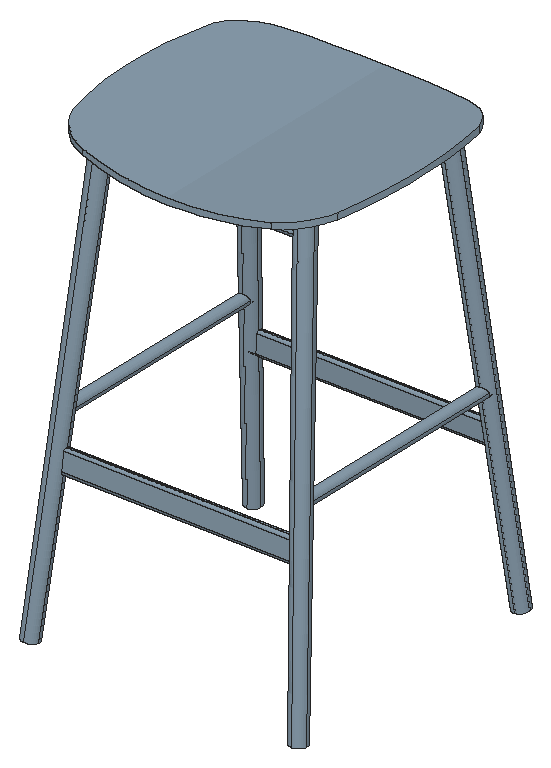
Revit family "FU_Stool_Sandler_Viki 3-15", category Furniture, Revit 2020
Family settings
  OmniClass Number = 23.40.20.00
  OmniClass Title = General Furniture and Specialties
  Work Plane-Based = No
  Always vertical = Yes
  Cut with Voids When Loaded = No
  Shared = No
  Room Calculation Point = No
Parameters (values of type "Viki 3.15")
  Width = 490 mm
  URL = "https://www.sandlerseating.com/product/viki-3-15/"
  Model = "Viki 3.15"
  Manufacturer = "Sandler"
  Height = 770 mm
  Frame [instance] = Wood - Lacquer - Pidgeon Blue RAL 5014
  Description = "Barstool with wooden seat on a solid beech frame with stretchers"
  Depth = 500 mm
  Default Elevation = 0 mm
Reference planes
  plane 1 "Center (Front/Back)": y = 0
  plane 2: z = 0
  plane 3 "Center (Left/Right)": x = 0
  plane 4 "Right": x = -245
  plane 5 "Left": x = 245
  plane 6 "Back": y = 250
  plane 7 "Front": y = -250
  plane 8 "Height": z = 770
  plane 9 "Seat height": z = 750
  plane 10 "Front Legs RIGHT": through (4267.2, -234.41, 5) normal (0, -0.9937, 0.1121)
  plane 11 "Back Legs RIGHT": through (4267.2, 234.377, 5.537) normal (0, -0.9937, -0.1121)
  plane 12 "Cross Stretch RIGHT": z = 339.982
  plane 13 "Top Stretch RIGHT": z = 717.341
  plane 14 "Front Stretch RIGHT": z = 269.66
  plane 15 "Right Leg RIGHT": through (-226.609, -1524, 3.167) normal (-0.9972, 0, 0.0742)
Forms (mm)
  SweptBlend 1, solid, material "Wood - Lacquer - Pidgeon Blue RAL 5014" <- "Frame"
    path origin (0, -232.021, 26.176) x (0, -0.112106, -0.993696) y (1, 0, 0)
      loop
        line (26.325, -226.713) -> (-721.583, -170.738)
    profile "Pro_Circles : 28mm" origin (-226.713, -234.972, 0.017) x (-0.997211, 0.008367, 0.074163) y (0, -0.993696, 0.112106)
      loop
        arc (-13.967, 0.067) -> (-9.943, -9.849) -> (-0.067, -13.967) r 13.901
        arc (-0.067, -13.967) -> (9.896, -9.896) -> (13.967, 0.067) r 13.901
        arc (13.967, 0.067) -> (9.849, 9.943) -> (-0.067, 13.967) r 13.9
        arc (-0.067, 13.967) -> (-9.895, 9.895) -> (-13.967, 0.067) r 13.9
    end profile "Pro_Circles : 32mm" origin (-170.738, -151.127, 743.211) x (-0.997211, 0.008367, 0.074163) y (0, -0.993696, 0.112106)
      loop
        arc (-15.967, 0.067) -> (-11.357, -11.263) -> (-0.067, -15.967) r 15.901
        arc (-0.067, -15.967) -> (11.311, -11.31) -> (15.967, 0.067) r 15.901
        arc (15.967, 0.067) -> (11.263, 11.357) -> (-0.067, 15.967) r 15.9
        arc (-0.067, 15.967) -> (-11.31, 11.31) -> (-15.967, 0.067) r 15.9
  SweptBlend 2, solid, material "Wood - Lacquer - Pidgeon Blue RAL 5014" <- "Frame"
    path origin (0, -232.021, 26.176) x (0, -0.112106, -0.993696) y (-1, 0, 0)
      loop
        line (26.325, -226.713) -> (-721.583, -170.738)
    profile "Pro_Circles : 28mm" origin (226.713, -234.972, 0.017) x (-0.997211, -0.008367, -0.074163) y (0, -0.993696, 0.112106)
      loop
        arc (13.967, 0.067) -> (9.895, 9.895) -> (0.067, 13.967) r 13.9
        arc (0.067, 13.967) -> (-9.849, 9.943) -> (-13.967, 0.067) r 13.9
        arc (-13.967, 0.067) -> (-9.896, -9.896) -> (0.067, -13.967) r 13.901
        arc (0.067, -13.967) -> (9.943, -9.849) -> (13.967, 0.067) r 13.901
    end profile "Pro_Circles : 32mm" origin (170.738, -151.127, 743.211) x (-0.997211, -0.008367, -0.074163) y (0, -0.993696, 0.112106)
      loop
        arc (15.967, 0.067) -> (11.31, 11.31) -> (0.067, 15.967) r 15.9
        arc (0.067, 15.967) -> (-11.263, 11.357) -> (-15.967, 0.067) r 15.9
        arc (-15.967, 0.067) -> (-11.311, -11.31) -> (0.067, -15.967) r 15.901
        arc (0.067, -15.967) -> (11.357, -11.263) -> (15.967, 0.067) r 15.901
  SweptBlend 3, solid, material "Wood - Lacquer - Pidgeon Blue RAL 5014" <- "Frame"
    path origin (0, 232.021, 26.176) x (0, 0.112106, -0.993696) y (-1, 0, 0)
      loop
        line (26.325, 226.713) -> (-721.583, 170.738)
    profile "Pro_Circles : 28mm" origin (-226.713, 234.972, 0.017) x (0.997211, 0.008367, -0.074163) y (0, 0.993696, 0.112106)
      loop
        arc (13.967, 0.067) -> (9.895, 9.895) -> (0.067, 13.967) r 13.9
        arc (0.067, 13.967) -> (-9.849, 9.943) -> (-13.967, 0.067) r 13.9
        arc (-13.967, 0.067) -> (-9.896, -9.896) -> (0.067, -13.967) r 13.901
        arc (0.067, -13.967) -> (9.943, -9.849) -> (13.967, 0.067) r 13.901
    end profile "Pro_Circles : 32mm" origin (-170.738, 151.127, 743.211) x (0.997211, 0.008367, -0.074163) y (0, 0.993696, 0.112106)
      loop
        arc (15.967, 0.067) -> (11.31, 11.31) -> (0.067, 15.967) r 15.9
        arc (0.067, 15.967) -> (-11.263, 11.357) -> (-15.967, 0.067) r 15.9
        arc (-15.967, 0.067) -> (-11.311, -11.31) -> (0.067, -15.967) r 15.901
        arc (0.067, -15.967) -> (11.357, -11.263) -> (15.967, 0.067) r 15.901
  SweptBlend 4, solid, material "Wood - Lacquer - Pidgeon Blue RAL 5014" <- "Frame"
    path origin (0, 232.021, 26.176) x (0, 0.112106, -0.993696) y (-1, 0, 0)
      loop
        line (26.325, -226.713) -> (-721.583, -170.738)
    profile "Pro_Circles : 28mm" origin (226.713, 234.972, 0.017) x (0.997211, -0.008367, 0.074163) y (0, 0.993696, 0.112106)
      loop
        arc (-13.967, 0.067) -> (-9.943, -9.849) -> (-0.067, -13.967) r 13.901
        arc (-0.067, -13.967) -> (9.896, -9.896) -> (13.967, 0.067) r 13.901
        arc (13.967, 0.067) -> (9.849, 9.943) -> (-0.067, 13.967) r 13.9
        arc (-0.067, 13.967) -> (-9.895, 9.895) -> (-13.967, 0.067) r 13.9
    end profile "Pro_Circles : 32mm" origin (170.738, 151.127, 743.211) x (0.997211, -0.008367, 0.074163) y (0, 0.993696, 0.112106)
      loop
        arc (-15.967, 0.067) -> (-11.357, -11.263) -> (-0.067, -15.967) r 15.901
        arc (-0.067, -15.967) -> (11.311, -11.31) -> (15.967, 0.067) r 15.901
        arc (15.967, 0.067) -> (11.263, 11.357) -> (-0.067, 15.967) r 15.9
        arc (-0.067, 15.967) -> (-11.31, 11.31) -> (-15.967, 0.067) r 15.9
  Sweep 5, solid, material "Wood - Lacquer - Pidgeon Blue RAL 5014" <- "Frame"
    path origin (0, -232.021, 26.176) x (0, -0.112106, -0.993696) y (1, 0, 0)
      loop
        line (-246.431, -206.233) -> (-246.431, 206.233)
    profile origin (0, -204.395, 271.053) x (0, 0.112106, 0.993696) y (0, -0.993696, 0.112106)
      loop
        arc (-17.326, 5.093) -> (-20.818, 3.399) -> (-22.046, -0.283) r 5
        line (-22.046, -0.283) -> (-21.891, -2.309)
        arc (-21.891, -2.309) -> (-20.205, -5.683) -> (-16.641, -6.92) r 5
        line (-16.641, -6.92) -> (14.601, -5.263)
        arc (14.601, -5.263) -> (18.104, -3.557) -> (19.319, 0.145) r 5
        line (19.319, 0.145) -> (19.151, 2.17)
        arc (19.151, 2.17) -> (17.455, 5.524) -> (13.903, 6.749) r 5
        line (13.903, 6.749) -> (-17.326, 5.093)
  Sweep 6, solid, material "Wood - Lacquer - Pidgeon Blue RAL 5014" <- "Frame"
    path origin (0, 232.021, 26.176) x (0, 0.112106, -0.993696) y (-1, 0, 0)
      loop
        line (-246.431, 206.233) -> (-246.431, -206.233)
    profile origin (0, 204.395, 271.053) x (0, 0.112106, -0.993696) y (0, 0.993696, 0.112106)
      loop
        line (17.326, 5.093) -> (-13.903, 6.749)
        arc (-13.903, 6.749) -> (-17.455, 5.524) -> (-19.151, 2.17) r 5
        line (-19.151, 2.17) -> (-19.319, 0.145)
        arc (-19.319, 0.145) -> (-18.104, -3.557) -> (-14.601, -5.263) r 5
        line (-14.601, -5.263) -> (16.641, -6.92)
        arc (16.641, -6.92) -> (20.205, -5.683) -> (21.891, -2.309) r 5
        line (21.891, -2.309) -> (22.046, -0.283)
        arc (22.046, -0.283) -> (20.818, 3.399) -> (17.326, 5.093) r 5
  Extrusion 7, solid, material "Wood - Lacquer - Pidgeon Blue RAL 5014" <- "Frame"
    sketch origin (0, 0, 0) x (1, 0, 0) y (0, 0, 1)
      loop
        circle (-201.56, 339.982) r 10
    from -196.541 to 196.025
  Extrusion 8, solid, material "Wood - Lacquer - Pidgeon Blue RAL 5014" <- "Frame"
    sketch origin (0, 0, 0) x (-1, 0, 0) y (0, 0, -1)
      loop
        circle (-201.56, -339.982) r 10
    from -196.541 to 196.025
  Sweep 9, solid, material "Wood - Lacquer - Pidgeon Blue RAL 5014" <- "Frame"
    path origin (0, 0, 717.341) x (0, -1, 0) y (1, 0, 0)
      loop
        line (-155.682, -175) -> (-155.682, 175)
    profile "Pro_Circles : 15mm" origin (0, 155.682, 717.341) x (0, 1, 0) y (0, 0, 1)
      loop
        arc (-7.467, 0.067) -> (-5.347, -5.252) -> (-0.067, -7.467) r 7.401
        arc (-0.067, -7.467) -> (5.3, -5.301) -> (7.467, 0.067) r 7.402
        arc (7.467, 0.067) -> (5.252, 5.347) -> (-0.067, 7.467) r 7.401
        arc (-0.067, 7.467) -> (-5.299, 5.299) -> (-7.467, 0.067) r 7.4
  Sweep 10, solid, material "Wood - Lacquer - Pidgeon Blue RAL 5014" <- "Frame"
    path origin (0, 0, 717.341) x (0, 1, 0) y (1, 0, 0)
      loop
        line (-155.682, -175) -> (-155.682, 175)
    profile "Pro_Circles : 15mm" origin (0, -155.682, 717.341) x (0, 1, 0) y (0, 0, 1)
      loop
        arc (7.467, 0.067) -> (5.299, 5.299) -> (0.067, 7.467) r 7.4
        arc (0.067, 7.467) -> (-5.252, 5.347) -> (-7.467, 0.067) r 7.401
        arc (-7.467, 0.067) -> (-5.3, -5.301) -> (0.067, -7.467) r 7.402
        arc (0.067, -7.467) -> (5.347, -5.252) -> (7.467, 0.067) r 7.401
  Sweep 11, solid, material "Wood - Lacquer - Pidgeon Blue RAL 5014" <- "Frame"
    path origin (0, 0, 717.341) x (0, -1, 0) y (1, 0, 0)
      loop
        line (155.615, 129.567) -> (-155.615, 129.567)
    profile "Pro_Circles : 15mm" origin (129.567, 0, 717.341) x (-1, 0, 0) y (0, 0, 1)
      loop
        arc (-7.467, 0.067) -> (-5.347, -5.252) -> (-0.067, -7.467) r 7.401
        arc (-0.067, -7.467) -> (5.3, -5.301) -> (7.467, 0.067) r 7.402
        arc (7.467, 0.067) -> (5.252, 5.347) -> (-0.067, 7.467) r 7.401
        arc (-0.067, 7.467) -> (-5.299, 5.299) -> (-7.467, 0.067) r 7.4
  Sweep 12, solid, material "Wood - Lacquer - Pidgeon Blue RAL 5014" <- "Frame"
    path origin (0, 0, 717.341) x (0, -1, 0) y (-1, 0, 0)
      loop
        line (155.615, 129.567) -> (-155.615, 129.567)
    profile "Pro_Circles : 15mm" origin (-129.567, 0, 717.341) x (-1, 0, 0) y (0, 0, 1)
      loop
        arc (7.467, 0.067) -> (5.299, 5.299) -> (0.067, 7.467) r 7.4
        arc (0.067, 7.467) -> (-5.252, 5.347) -> (-7.467, 0.067) r 7.401
        arc (-7.467, 0.067) -> (-5.3, -5.301) -> (0.067, -7.467) r 7.402
        arc (0.067, -7.467) -> (5.347, -5.252) -> (7.467, 0.067) r 7.401
Dimensions and locks
  equal spacing: plane 4 "Right", plane 3 "Center (Left/Right)", plane 5 "Left"
  "Width": plane 4 "Right" to plane 5 "Left"
  equal spacing: plane 6 "Back", plane 1 "Center (Front/Back)", plane 7 "Front"
  "Depth": plane 6 "Back" to plane 7 "Front"
  "Height": plane 8 "Height" to level
  plane 9 "Seat height" to level = 750 mm
  aligned and locked: level to plane 2
Automatic sketch dimensions
  SweptBlend 1 sketch curve to plane 4 "Right" = 74.262 mm
  SweptBlend 1 sketch curve to plane 4 "Right" = 18.287 mm
  SweptBlend 1 sketch curve to SweptBlend 1 sketch curve = 747.908 mm
  SweptBlend 2 sketch curve to plane 5 "Left" = 74.262 mm
  SweptBlend 2 sketch curve to plane 5 "Left" = 18.287 mm
  SweptBlend 2 sketch curve to SweptBlend 2 sketch curve = 747.908 mm
  SweptBlend 3 sketch curve to plane 4 "Right" = 74.262 mm
  SweptBlend 3 sketch curve to plane 4 "Right" = 18.287 mm
  SweptBlend 3 sketch curve to SweptBlend 3 sketch curve = 747.908 mm
  plane 5 "Left" to SweptBlend 4 sketch curve = 74.262 mm
  plane 5 "Left" to SweptBlend 4 sketch curve = 18.287 mm
  SweptBlend 4 sketch curve to SweptBlend 4 sketch curve = 747.908 mm
  plane 5 "Left" to Sweep 5 sketch curve = 38.767 mm
  Sweep 5 sketch curve to plane 4 "Right" = 38.767 mm
  Sweep 5 sketch curve to plane 10 "Front Legs RIGHT" = 0.283 mm
  profile plane to Sweep 5 sketch curve = 22.046 mm
  Sweep 5 sketch curve to plane 10 "Front Legs RIGHT" = 2.309 mm
  Sweep 5 sketch curve to Sweep 5 sketch curve = 0.155 mm  (x2)
  plane 10 "Front Legs RIGHT" to Sweep 5 sketch curve = 5.093 mm
  Sweep 5 sketch curve to Sweep 5 sketch curve = 4.721 mm
  plane 10 "Front Legs RIGHT" to Sweep 5 sketch curve = 0.1 mm
  Sweep 5 sketch curve to plane 10 "Front Legs RIGHT" = 6.92 mm
  Sweep 5 sketch curve to Sweep 5 sketch curve = 0.265 mm  (x3)
  plane 10 "Front Legs RIGHT" to Sweep 5 sketch curve = 6.749 mm
  Sweep 5 sketch curve to profile plane = 13.903 mm
  plane 10 "Front Legs RIGHT" to Sweep 5 sketch curve = 1.756 mm
  Sweep 5 sketch curve to plane 10 "Front Legs RIGHT" = 0.27 mm
  Sweep 5 sketch curve to Sweep 5 sketch curve = 0.168 mm
  Sweep 5 sketch curve to plane 10 "Front Legs RIGHT" = 5.263 mm
  plane 10 "Front Legs RIGHT" to Sweep 5 sketch curve = 2.17 mm
  plane 10 "Front Legs RIGHT" to Sweep 5 sketch curve = 0.145 mm
  plane 5 "Left" to Sweep 6 sketch curve = 38.767 mm
  Sweep 6 sketch curve to plane 4 "Right" = 38.767 mm
  profile plane to Sweep 6 sketch curve = 0.145 mm
  profile plane to Sweep 6 sketch curve = 19.319 mm
  profile plane to Sweep 6 sketch curve = 2.17 mm
  Sweep 6 sketch curve to Sweep 6 sketch curve = 0.168 mm  (x2)
  Sweep 6 sketch curve to profile plane = 5.263 mm
  Sweep 6 sketch curve to Sweep 6 sketch curve = 4.718 mm
  Sweep 6 sketch curve to profile plane = 0.27 mm
  Sweep 6 sketch curve to Sweep 6 sketch curve = 0.265 mm  (x3)
  Sweep 6 sketch curve to profile plane = 6.92 mm
  Sweep 6 sketch curve to profile plane = 16.641 mm
  Sweep 6 sketch curve to profile plane = 1.927 mm
  profile plane to Sweep 6 sketch curve = 0.1 mm
  Sweep 6 sketch curve to Sweep 6 sketch curve = 0.155 mm
  profile plane to Sweep 6 sketch curve = 5.093 mm
  Sweep 6 sketch curve to profile plane = 2.309 mm
  Sweep 6 sketch curve to profile plane = 0.283 mm
  profile plane to Sweep 6 sketch curve = 1.756 mm
  Extrusion 7 sketch curve to plane 12 "Cross Stretch RIGHT" = 0 mm
  plane 15 "Right Leg RIGHT" to Extrusion 7 sketch curve = 0 mm
  Extrusion 8 sketch curve to plane 12 "Cross Stretch RIGHT" = 0 mm
  Extrusion 8 sketch curve to plane 5 "Left" = 43.44 mm
  Sweep 9 sketch curve to plane 6 "Back" = 94.318 mm
  Sweep 9 sketch curve to plane 4 "Right" = 70 mm
  plane 5 "Left" to Sweep 9 sketch curve = 70 mm
  Sweep 10 sketch curve to plane 7 "Front" = 94.318 mm
  plane 4 "Right" to Sweep 10 sketch curve = 70 mm
  Sweep 10 sketch curve to plane 5 "Left" = 70 mm
  Sweep 11 sketch curve to plane 6 "Back" = 94.385 mm
  plane 5 "Left" to Sweep 11 sketch curve = 115.433 mm
  plane 7 "Front" to Sweep 11 sketch curve = 94.385 mm
  plane 6 "Back" to Sweep 12 sketch curve = 94.385 mm
  plane 4 "Right" to Sweep 12 sketch curve = 115.433 mm
  Sweep 12 sketch curve to plane 7 "Front" = 94.385 mm
  radius of Extrusion 7 sketch curve = 10 mm
  radius of Extrusion 8 sketch curve = 10 mm
Nested families
  nested 1: "Viki Stool Seat_02" at (0, 0, 288.34), Frame <- "Frame", type "Type 2"
    with Frame Wood - Lacquer - Pidgeon Blue RAL 5014
Definition of nested family "Viki Stool Seat_02"
  Parameters (values of type "Type 2")
    Width = 480 mm
    URL = ""
    Model = ""
    Manufacturer = ""
    Height = 480 mm
    Frame [instance] = none
    Description = ""
    Depth = 460 mm
    Default Elevation = 0 mm
  Reference planes
    plane 1 "Center (Front/Back)": y = 0
    plane 2: z = 0
    plane 3 "Center (Left/Right)": x = 0
    plane 4 "Right": x = -240
    plane 5 "Left": x = 240
    plane 6 "Back": y = 230
    plane 7 "Front": y = -230
    plane 8 "Height": z = 480
    plane 9 "Seat height": z = 446.985
  Forms (mm)
    Sweep 1, solid, material <- "Frame"
      path origin (0, 0, 446.985) x (-1, 0, 0) y (0, -1, 0)
        loop
          line (0, 250) -> (0, -250)
      profile origin (0, 0, 446.985) x (-1, 0, 0) y (0, 0, 1)
        loop
          line (263.434, 27.782) -> (263.434, 37.765)
          arc (263.434, 37.765) -> (0, 10.077) -> (-263.434, 37.765) r 1267.049
          line (-263.434, 37.765) -> (-263.434, 27.782)
          arc (-263.434, 27.782) -> (0, 0) -> (263.434, 27.782) r 1262.876
    Extrusion 2, void
      sketch origin (0, 0, 446.985) x (-1, 0, 0) y (0, -1, 0)
        loop
          arc (223.586, -149) -> (240, 0) -> (223.586, 149) r 684.495
          arc (223.586, 149) -> (198.632, 187.198) -> (159, 209.806) r 97.22
          arc (159, 209.806) -> (0, 230) -> (-159, 209.806) r 636.036
          arc (-159, 209.806) -> (-198.632, 187.198) -> (-223.586, 149) r 97.22
          arc (-223.586, 149) -> (-240, 0) -> (-223.586, -149) r 684.495
          arc (-223.586, -149) -> (-198.632, -187.198) -> (-159, -209.806) r 97.22
          arc (-159, -209.806) -> (0, -230) -> (159, -209.806) r 636.036
          arc (159, -209.806) -> (198.632, -187.198) -> (223.586, -149) r 97.22
        loop
          line (-270, 260) -> (-270, -260) -> (270, -260) -> (270, 260) -> (-270, 260)
      from -5 to 45
    Sweep 3, solid
      path origin (0, 0, 446.985) x (-1, 0, 0) y (0, -1, 0)
        loop
          line (0, 207.5) -> (0, -207.5)
      profile origin (0, 0, 446.985) x (-1, 0, 0) y (0, 0, 1)
        loop
          arc (200, 17.031) -> (0, 1.094) -> (-200, 17.031) r 1262.876
          line (-200, 17.031) -> (-200, 12.34)
          arc (-200, 12.34) -> (0, -3.597) -> (200, 12.34) r 1262.876
          line (200, 12.34) -> (200, 17.031)
    Extrusion 4, void
      sketch origin (0, 0, 446.985) x (-1, 0, 0) y (0, -1, 0)
        loop
          line (-148.12, 140.167) -> (-148.12, -125.435) -> (148.12, -125.435) -> (148.12, 140.167) -> (-148.12, 140.167)
        loop
          arc (185.414, -151.405) -> (197.276, 4.81) -> (185.414, 161.024) r 1034.523
          arc (185.414, 161.024) -> (179.314, 173.939) -> (167.138, 181.406) r 25
          arc (167.138, 181.406) -> (0, 203.294) -> (-167.138, 181.406) r 649.072
          arc (-167.138, 181.406) -> (-179.314, 173.939) -> (-185.414, 161.024) r 25
          arc (-185.414, 161.024) -> (-197.276, 4.81) -> (-185.414, -151.405) r 1034.523
          arc (-185.414, -151.405) -> (-179.314, -164.319) -> (-167.138, -171.786) r 25
          arc (-167.138, -171.786) -> (0, -193.675) -> (167.138, -171.786) r 649.072
          arc (167.138, -171.786) -> (179.314, -164.319) -> (185.414, -151.405) r 25
        loop
          line (-206.88, 214.565) -> (-206.88, -215) -> (205, -215) -> (205, 214.565) -> (-206.88, 214.565)
      from -6.36 to 21.864
  Cuts and joins
    Extrusion 2 cuts Sweep 1
    Extrusion 4 cuts Sweep 3
  Dimensions and locks
    equal spacing: plane 4 "Right", plane 3 "Center (Left/Right)", plane 5 "Left"
    "Width": plane 4 "Right" to plane 5 "Left"
    equal spacing: plane 6 "Back", plane 1 "Center (Front/Back)", plane 7 "Front"
    "Depth": plane 6 "Back" to plane 7 "Front"
    "Height": plane 8 "Height" to level
    plane 9 "Seat height" to level = 446.985 mm
    aligned and locked: level to plane 2
  Automatic sketch dimensions
    Sweep 1 sketch curve to plane 3 "Center (Left/Right)" = 0 mm
    plane 6 "Back" to Sweep 1 sketch curve = 20 mm
    Sweep 1 sketch curve to plane 7 "Front" = 20 mm
    Sweep 1 sketch curve to profile plane = 0 mm  (x2)
    plane 9 "Seat height" to Sweep 1 sketch curve = 37.765 mm  (x2)
    profile plane to Sweep 1 sketch curve = 263.434 mm
    Sweep 1 sketch curve to Sweep 1 sketch curve = 9.984 mm
    Sweep 1 sketch curve to Sweep 1 sketch curve = 1225.111 mm
    Sweep 1 sketch curve to Sweep 1 sketch curve = 14.251 mm
    plane 1 "Center (Front/Back)" to Extrusion 2 sketch curve = 0 mm  (x2)
    Extrusion 2 sketch curve to plane 3 "Center (Left/Right)" = 0 mm  (x2)
    plane 5 "Left" to Extrusion 2 sketch curve = 108.01 mm  (x2)
    Extrusion 2 sketch curve to plane 5 "Left" = 30 mm
    Extrusion 2 sketch curve to plane 5 "Left" = 204.495 mm
    Extrusion 2 sketch curve to plane 4 "Right" = 108.01 mm  (x2)
    plane 4 "Right" to Extrusion 2 sketch curve = 30 mm
    plane 4 "Right" to Extrusion 2 sketch curve = 204.495 mm
    Extrusion 2 sketch curve to plane 6 "Back" = 113.587 mm  (x2)
    plane 6 "Back" to Extrusion 2 sketch curve = 30 mm
    plane 6 "Back" to Extrusion 2 sketch curve = 176.036 mm
    plane 7 "Front" to Extrusion 2 sketch curve = 113.587 mm
    plane 1 "Center (Front/Back)" to Extrusion 2 sketch curve = 116.413 mm
    Extrusion 2 sketch curve to plane 7 "Front" = 30 mm
    Extrusion 2 sketch curve to plane 7 "Front" = 176.036 mm
    Extrusion 2 sketch curve to plane 6 "Back" = 20.194 mm  (x2)
    plane 5 "Left" to Extrusion 2 sketch curve = 81 mm
    plane 7 "Front" to Extrusion 2 sketch curve = 20.194 mm  (x2)
    Extrusion 2 sketch curve to Extrusion 2 sketch curve = 27.01 mm
    plane 5 "Left" to Extrusion 2 sketch curve = 16.414 mm
    Extrusion 2 sketch curve to plane 4 "Right" = 16.414 mm
    Sweep 3 sketch curve to plane 3 "Center (Left/Right)" = 0 mm
    Sweep 3 sketch curve to plane 6 "Back" = 22.5 mm
    plane 7 "Front" to Sweep 3 sketch curve = 22.5 mm
    Sweep 3 sketch curve to profile plane = 0 mm  (x2)
    plane 9 "Seat height" to Sweep 3 sketch curve = 17.031 mm  (x2)
    profile plane to Sweep 3 sketch curve = 200 mm
    Sweep 3 sketch curve to Sweep 3 sketch curve = 4.691 mm  (x2)
    Sweep 3 sketch curve to Sweep 3 sketch curve = 1242.248 mm
    Extrusion 4 sketch curve to plane 3 "Center (Left/Right)" = 0 mm  (x2)
    plane 5 "Left" to Extrusion 4 sketch curve = 91.88 mm
    Extrusion 4 sketch curve to Extrusion 4 sketch curve = 12.581 mm  (x4)
    Extrusion 4 sketch curve to plane 6 "Back" = 15 mm
    plane 5 "Left" to Extrusion 4 sketch curve = 33.12 mm
    plane 1 "Center (Front/Back)" to Extrusion 4 sketch curve = 4.81 mm  (x2)
    Extrusion 4 sketch curve to plane 5 "Left" = 597.247 mm
    plane 7 "Front" to Extrusion 4 sketch curve = 15.435 mm
    Extrusion 4 sketch curve to plane 4 "Right" = 35 mm
    plane 6 "Back" to Extrusion 4 sketch curve = 215.778 mm
    Extrusion 4 sketch curve to Extrusion 4 sketch curve = 67.37 mm  (x2)
    Extrusion 4 sketch curve to Extrusion 4 sketch curve = 22.194 mm
    plane 7 "Front" to Extrusion 4 sketch curve = 89.833 mm
    Extrusion 4 sketch curve to Extrusion 4 sketch curve = 17.082 mm  (x2)
    Extrusion 4 sketch curve to Extrusion 4 sketch curve = 6.438 mm  (x3)
    Extrusion 4 sketch curve to Extrusion 4 sketch curve = 0 mm  (x7)
    Extrusion 4 sketch curve to Extrusion 4 sketch curve = 24.713 mm
